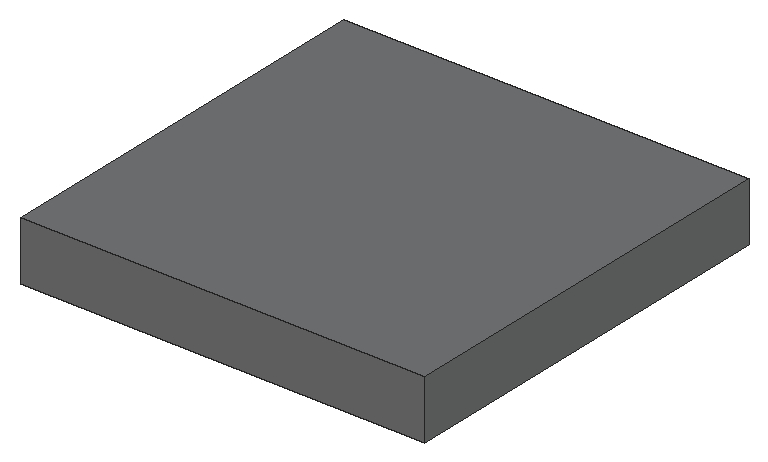
Revit family "Gira_087628", category Electrical Fixtures, host Face, Revit 2017
Family settings
  Host = Face
  Maintain Annotation Orientation = No
  Round Connector Dimension = Use Diameter
  Part Type = Normal
  Cut with Voids When Loaded = No
  Shared = No
  Room Calculation Point = No
Parameters (values of type "Cov. in.sp. TAE USB System 55 anthra.")
  URL = "http://katalog.gira.de/en/datenblatt.html?artikelnr=087628"
  Transparent = "No"
  Name = "Cov. in.sp. TAE USB System 55 anthra."
  Manufacturer URL = "https://www.gira.de/"
  Manufacturer = "Gira"
  Keynote = ""
  HeinzeBIM = "https://bimportal.heinze.de/bim/cov-in-sp-tae-usb-system-55-anthra-/26708767790eba5ee6c606b9cb595c6b5d5108af"
  HAN = "087628"
  GTIN = "4010337876281"
  Description = "Cov.in.sp.TAE USB Sys55 AN,Cover for USB data interface,with inscription space,anthracite,Notes :,- Suitable for USB power supply.,- Suitable for USB data interface."
  Default Elevation = 1219.2 mm
  Data sheet (1) = "https://katalog.gira.de/en/download.html?artikelnr=087628"
  Category = "Insert/cover for communication technology"
  BIM (1) = "https://media.stage.bim.site/public/gira/36a6b08/Sys55_Abdeckung_Schalten und Tasten.rfa?public/gira/36a6b08/Sys55_Abdeckung_Schalten und Tasten.rfa"
  Available = "No"
  Anthrazit [instance] = Anthrazit
Reference planes
  plane 1 "Center (Front/Back)": y = 0
  plane 2: z = 0
  plane 3 "Center (Left/Right)": x = 0
Forms (mm)
  Extrusion 1, solid, material "Anthrazit" <- "Anthrazit", detail levels fine
    sketch origin (0, 0, 0) x (1, 0, 0) y (0, 1, 0)
      loop
        line (-27.5, 27.5) -> (-27.5, -27.5) -> (27.5, -27.5) -> (27.5, 27.5) -> (-27.5, 27.5)
    from 0 to 8
  Extrusion 2, void
    sketch origin (0, 0, 0) x (1, 0, 0) y (0, 1, 0)
      loop
        line (26, 26) -> (-26, 26) -> (-26, -26) -> (26, -26) -> (26, 26)
    from 0 to 6
  Extrusion 3, solid, material "Anthrazit" <- "Anthrazit", detail levels medium
    sketch origin (0, 0, 0) x (1, 0, 0) y (0, 1, 0)
      loop
        line (-27.5, 27.5) -> (-27.5, -27.5) -> (27.5, -27.5) -> (27.5, 27.5) -> (-27.5, 27.5)
    from 0 to 8
  Extrusion 4, solid, material "Anthrazit" <- "Anthrazit", detail levels medium
    sketch origin (0, 0, 0) x (1, 0, 0) y (0, 1, 0)
      loop
        line (11, -17.5) -> (11, 17.5) -> (-11, 17.5) -> (-11, -17.5) -> (11, -17.5)
    from -6 to 6
  Extrusion 5, solid, material "Anthrazit" <- "Anthrazit", detail levels fine
    sketch origin (0, 0, 0) x (1, 0, 0) y (0, 1, 0)
      loop
        line (11, 17.5) -> (-11, 17.5) -> (-11, 16.5) -> (11, 16.5) -> (11, 17.5)
      loop
        line (-11, -16.5) -> (-11, -17.5) -> (11, -17.5) -> (11, -16.5) -> (-11, -16.5)
    from -4 to 6
  Extrusion 6, solid, material "Anthrazit" <- "Anthrazit", detail levels fine
    sketch origin (0, 0, 0) x (1, 0, 0) y (0, 1, 0)
      loop
        arc (5, 9.347) -> (0, 10.6) -> (-5, 9.347) r 10.6
        line (-5, 9.347) -> (-5, -9.347)
        arc (-5, -9.347) -> (0, -10.6) -> (5, -9.347) r 10.6
        line (5, -9.347) -> (5, 9.347)
    from -6 to 6
  Extrusion 7, solid, material "Anthrazit" <- "Anthrazit", detail levels coarse
    sketch origin (0, 0, 0) x (1, 0, 0) y (0, 1, 0)
      loop
        line (-27.5, 27.5) -> (-27.5, -27.5) -> (27.5, -27.5) -> (27.5, 27.5) -> (-27.5, 27.5)
    from -6 to 8
Cuts and joins
  Extrusion 2 cuts Extrusion 1
Dimensions and locks
  aligned and locked: plane 2 to host face
  aligned and locked: level to host face
